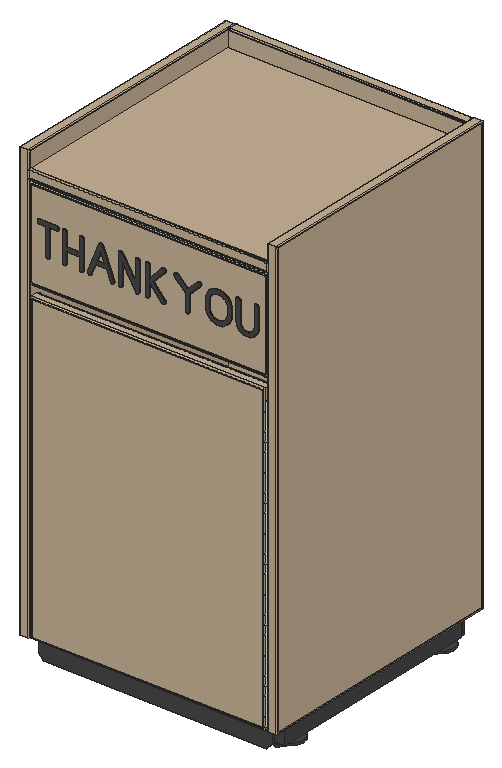
Revit family "Plymold-Essentials-Economy_Waste_Receptacle-", category Furniture, Revit 2022
Family settings
  OmniClass Number = 23.40.20.00
  OmniClass Title = General Furniture and Specialties
  Work Plane-Based = No
  Always vertical = Yes
  Cut with Voids When Loaded = No
  Render Appearance Source = Family Geometry
  Shared = No
  Room Calculation Point = No
Parameters (values of type "80501")
  Width = 23"
  URL = "https://plymold.com"
  Type Comments = "Casegoods"  # constant formula
  TOP MATERIAL = PLY - Solid Oak Horizontal
  Sustainability = "https://plymold.com/plymolds-sustainability-efforts/"
  SIDE MATERIAL = PLY - Solid Oak Vertical
  PLASTIC MATERIAL = PLY - Plastic Black
  GLIDES MATERIAL = PLY - Plastic Black
  FRONT MATERIAL = PLY - Solid Oak Horizontal
  EDGE VERTICAL MATERIAL = PLY - Solid Oak Vertical
  EDGE HORIZONTAL MATERIAL = PLY - Solid Oak Horizontal
  DOOR MATERIAL = PLY - Solid Oak Vertical
  Revit Model Built By = "https://www.servex-us.com/servex-revit/"
  Product Documentation Link = "https://plymold.com/product/economy-waste-receptacle-with-swing-door/"
  Model = "80501"
  Manufacturer = "Plymold"  # constant formula
  Keynote = "12500"  # constant formula
  Height = 41 1/2"
  HARDWARE MATERIAL = PLY - Onyx Black Powdercoat
  Description = "Economy Waste Receptacle with Swing Door - 23\"W x 23\"D x 41 1/2\"H"
  Depth = 23"
  Default Elevation = 0"
  Cost = 0
  Brand = "Receptacle"  # constant formula
  BACK MATERIAL = PLY - Solid Oak Vertical
  Assembly Code = "E2020200"
Reference planes (in)
  plane 1: z = 0
  plane 2 "Center (Front/Back)": y = 49.90131
  plane 3 "Center (Left/Right)": x = -171.57253
  plane 4: x = -148.57253
  plane 5: y = 26.90131
  plane 6: z = 41.5
Dimensions and locks (in)
  "Depth": plane 2 "Center (Front/Back)" to plane 5
  "Width": plane 3 "Center (Left/Right)" to plane 4
  "Height": plane 6 to plane 1
  aligned and locked: level to plane 1
  aligned and locked: plane 3 "Center (Left/Right)" to nested 1
  aligned and locked: nested 1 to plane 2 "Center (Front/Back)"
Nested families (in)
  nested 1: "Economy Waste" at (-171.57253, 49.90131, 0), W <- "Width", D <- "Depth", H <- "Height", BACK MATERIAL <- "BACK MATERIAL", EDGE HORIZONTAL MATERIAL <- "EDGE HORIZONTAL MATERIAL", EDGE VERTICAL MATERIAL <- "EDGE VERTICAL MATERIAL", GLIDES MATERIAL <- "GLIDES MATERIAL", PLASTIC MATERIAL <- "PLASTIC MATERIAL", SIDE MATERIAL <- "SIDE MATERIAL", TOP MATERIAL <- "TOP MATERIAL", DOOR MATERIAL <- "DOOR MATERIAL", FRONT MATERIAL <- "FRONT MATERIAL", HARDWARE MATERIAL <- "HARDWARE MATERIAL", type "Economy Waste"
    with W Door 21 1/4", W 23", TOP MATERIAL PLY - Solid Oak Horizontal, SIDE MATERIAL PLY - Solid Oak Vertical, PLASTIC MATERIAL PLY - Plastic Black, HARDWARE MATERIAL PLY - Onyx Black Powdercoat, H 41 1/2", GLIDES MATERIAL PLY - Plastic Black, FRONT MATERIAL PLY - Solid Oak Horizontal, EDGE VERTICAL MATERIAL PLY - Solid Oak Vertical, EDGE HORIZONTAL MATERIAL PLY - Solid Oak Horizontal, Divider no, Dist Door 10 29/32", Dist Divider 21 13/32", DOOR MATERIAL PLY - Solid Oak Vertical, D 23", BACK MATERIAL PLY - Solid Oak Vertical
Definition of nested family "Economy Waste"
  Parameters (values of type "Economy Waste")
    W Door [instance] = W - 1 3/4"  # 21 1/4"
    W [instance] = 23"
    TOP MATERIAL [instance] = none
    SIDE MATERIAL [instance] = none
    PLASTIC MATERIAL [instance] = none
    HARDWARE MATERIAL [instance] = none
    H [instance] = 41 1/2"
    GLIDES MATERIAL [instance] = none
    FRONT MATERIAL [instance] = none
    EDGE VERTICAL MATERIAL [instance] = none
    EDGE HORIZONTAL MATERIAL [instance] = none
    Divider [instance] = if(W > 46", 2 > 1, 1 > 2)  # no
    Dist Door [instance] = if(and(W = 72"), 10 23/32", if(and(W = 47"), 10 17/64", 10 29/32"))  # 10 29/32"
    Dist Divider [instance] = if(W = 72", 22 19/64", 21 13/32")  # 21 13/32"
    Default Elevation = 0"
    DOOR MATERIAL [instance] = none
    D [instance] = 23"
    BACK MATERIAL [instance] = none
  Reference planes (in)
    plane 1 "Center (Front/Back)": y = 0
    plane 2: z = 0
    plane 3 "Center (Left/Right)": x = 0
    plane 4: x = 23
    plane 5: y = -23
    plane 6: x = 0.875
    plane 7: x = 22.125
    plane 8: z = 41.5
    plane 9: z = 40.03125
    plane 10: z = 2.50003
    plane 11: x = 11.5
    plane 12: z = 39.15625
  Forms (in)
    Sweep 1, solid, material <- "EDGE VERTICAL MATERIAL"
      path origin (0, 0, 0) x (0, 1, 0) y (0, 0, 1)
        loop
          line (0, 41.5) -> (-23, 41.5) -> (-23, 2.50003) -> (0, 2.50003) -> (0, 41.5)
      profile origin (0, 0, 22.00001) x (1, 0, 0) y (0, 1, 0)
        loop
          arc (0.09375, 0) -> (0.02746, -0.02746) -> (0, -0.09375) r 0.09375
          line (0, -0.09375) -> (0, -0.125) -> (0.875, -0.125) -> (0.875, -0.09375)
          arc (0.875, -0.09375) -> (0.84754, -0.02746) -> (0.78125, 0) r 0.09375
          line (0.78125, 0) -> (0.09375, 0)
        loop
          arc (22.21875, 0) -> (22.15246, -0.02746) -> (22.125, -0.09375) r 0.09375
          line (22.125, -0.09375) -> (22.125, -0.125) -> (23, -0.125) -> (23, -0.09375)
          arc (23, -0.09375) -> (22.97254, -0.02746) -> (22.90625, 0) r 0.09375
          line (22.90625, 0) -> (22.21875, 0)
    Extrusion 2, solid, material <- "SIDE MATERIAL"
      sketch origin (0, 0, 0) x (0, 1, 0) y (0, 0, 1)
        loop
          line (-0.125, 41.375) -> (-22.875, 41.375) -> (-22.875, 2.62503) -> (-0.125, 2.62503) -> (-0.125, 41.375)
      from 0 to 0.875
    Extrusion 3, solid, material <- "SIDE MATERIAL"
      sketch origin (0, 0, 0) x (0, 1, 0) y (0, 0, 1)
        loop
          line (-0.125, 41.375) -> (-22.875, 41.375) -> (-22.875, 2.62503) -> (-0.125, 2.62503) -> (-0.125, 41.375)
      from 22.125 to 23
    Extrusion 4, solid, material <- "PLASTIC MATERIAL"
      sketch origin (0, 0, 0) x (1, 0, 0) y (0, 1, 0)
        loop
          line (0.875, -1.38234) -> (0.875, -21) -> (3.18323, -21) -> (3.18323, -20.875) -> (1, -20.875) -> (1, -1.38234) -> (0.875, -1.38234)
        loop
          line (22.125, -1.38234) -> (22, -1.38234) -> (22, -20.875) -> (19.81677, -20.875) -> (19.81677, -21) -> (22.125, -21) -> (22.125, -1.38234)
      from 0.50003 to 3.50003
    Extrusion 5, solid, material <- "GLIDES MATERIAL"
      sketch origin (0, 0, 0) x (1, 0, 0) y (0, 1, 0)
        loop
          circle (1.82208, -2.41109) r 0.188
        loop
          circle (1.82208, -19.16109) r 0.188
        loop
          circle (21.17792, -2.41109) r 0.188
        loop
          circle (21.17792, -19.16109) r 0.188
      from 0.187 to 1.437
    Extrusion 6, solid, material <- "PLASTIC MATERIAL"
      sketch origin (0, 0, 0) x (1, 0, 0) y (0, 1, 0)
        loop
          line (20.221, -19.78609) -> (22, -19.78609) -> (22, -18.53609) -> (20.221, -18.53609) -> (20.221, -19.78609)
        loop
          line (2.779, -19.78609) -> (2.779, -18.53609) -> (1, -18.53609) -> (1, -19.78609) -> (2.779, -19.78609)
      from 0.50003 to 0.64606
    Extrusion 7, solid, material <- "GLIDES MATERIAL"
      sketch origin (0, 0, 0) x (1, 0, 0) y (0, 1, 0)
        loop
          arc (2.72968, -3.0765) -> (1.82208, -1.2857) -> (0.91449, -3.0765) r 1.12538
          line (0.91449, -3.0765) -> (1.57273, -3.97431)
          arc (1.57273, -3.97431) -> (1.82208, -4.10068) -> (2.07144, -3.97431) r 0.30919
          line (2.07144, -3.97431) -> (2.72968, -3.0765)
        loop
          arc (2.72968, -19.8265) -> (1.82208, -18.0357) -> (0.91449, -19.8265) r 1.12538
          line (0.91449, -19.8265) -> (1.57273, -20.72431)
          arc (1.57273, -20.72431) -> (1.82208, -20.85068) -> (2.07144, -20.72431) r 0.30919
          line (2.07144, -20.72431) -> (2.72968, -19.8265)
        loop
          line (20.27032, -3.0765) -> (20.92856, -3.97431)
          arc (20.92856, -3.97431) -> (21.17792, -4.10068) -> (21.42727, -3.97431) r 0.30919
          line (21.42727, -3.97431) -> (22.08551, -3.0765)
          arc (22.08551, -3.0765) -> (21.17792, -1.2857) -> (20.27032, -3.0765) r 1.12538
        loop
          line (20.27032, -19.8265) -> (20.92856, -20.72431)
          arc (20.92856, -20.72431) -> (21.17792, -20.85068) -> (21.42727, -20.72431) r 0.30919
          line (21.42727, -20.72431) -> (22.08551, -19.8265)
          arc (22.08551, -19.8265) -> (21.17792, -18.0357) -> (20.27032, -19.8265) r 1.12538
      from 0 to 0.187
    Extrusion 8, solid, material <- "EDGE HORIZONTAL MATERIAL"
      sketch origin (0, 0, 0) x (0, 1, 0) y (0, 0, 1)
        loop
          line (-22.875, 40.03125) -> (-22.90625, 40.03125)
          arc (-22.90625, 40.03125) -> (-22.97254, 40.00379) -> (-23, 39.9375) r 0.09375
          line (-23, 39.9375) -> (-23, 39.25)
          arc (-23, 39.25) -> (-22.97254, 39.18371) -> (-22.90625, 39.15625) r 0.09375
          line (-22.90625, 39.15625) -> (-22.875, 39.15625) -> (-22.875, 40.03125)
      from 0.875 to 22.125
    Extrusion 9, solid, material <- "TOP MATERIAL"
      sketch origin (0, 0, 0) x (0, 1, 0) y (0, 0, 1)
        loop
          line (-0.875, 40.03125) -> (-22.875, 40.03125) -> (-22.875, 39.15625) -> (-0.875, 39.15625) -> (-0.875, 40.03125)
      from 0.875 to 22.125
    Extrusion 10, solid, material <- "EDGE HORIZONTAL MATERIAL"
      sketch origin (0, 0, 0) x (0, 1, 0) y (0, 0, 1)
        loop
          line (-0.09375, 41.5) -> (-0.78125, 41.5)
          arc (-0.78125, 41.5) -> (-0.84754, 41.47254) -> (-0.875, 41.40625) r 0.09375
          line (-0.875, 41.40625) -> (-0.875, 41.375) -> (0, 41.375) -> (0, 41.40625)
          arc (0, 41.40625) -> (-0.02746, 41.47254) -> (-0.09375, 41.5) r 0.09375
        loop
          arc (-0.09375, 2.50003) -> (-0.02746, 2.52749) -> (0, 2.59378) r 0.09375
          line (0, 2.59378) -> (0, 2.62503) -> (-0.875, 2.62503) -> (-0.875, 2.59378)
          arc (-0.875, 2.59378) -> (-0.84754, 2.52749) -> (-0.78125, 2.50003) r 0.09375
          line (-0.78125, 2.50003) -> (-0.09375, 2.50003)
      from 0.875 to 22.125
    Extrusion 11, solid, material <- "BACK MATERIAL"
      sketch origin (0, 0, 0) x (0, 1, 0) y (0, 0, 1)
        loop
          line (0, 2.62503) -> (0, 41.375) -> (-0.875, 41.375) -> (-0.875, 2.62503) -> (0, 2.62503)
      from 0.875 to 22.125
  Cuts and joins
    joined: Extrusion 4, Extrusion 6
    joined: Extrusion 5, Extrusion 7
  Lines and regions (in)
    symbolic lines
      curve 1: line (0.09375, 0, 0) -> (22.90625, 0, 0)
      curve 2: line (0, -22.90752, 0) -> (0, -0.09375, 0)
      curve 3: line (22.90625, -23.00127, 0) -> (0.09375, -23.00127, 0)
      curve 4: line (0.875, -0.09375, 0) -> (0.875, -22.90752, 0)
      curve 5: arc (0, -0.09375, 0) -> (0.02746, -0.02746, 0) -> (0.09375, 0, 0) r 0.09375
      curve 6: arc (0.78125, 0, 0) -> (0.84754, -0.02746, 0) -> (0.875, -0.09375, 0) r 0.09375
      curve 7: arc (0, -22.90752, 0) -> (0.02746, -22.97381, 0) -> (0.09375, -23.00127, 0) r 0.09375
      curve 8: arc (0.78125, -23.00127, 0) -> (0.84754, -22.97381, 0) -> (0.875, -22.90752, 0) r 0.09375
      curve 9: line (23, -22.90625, 0) -> (23, -0.09375, 0)
      curve 10: line (22.125, -0.09375, 0) -> (22.125, -22.90625, 0)
      curve 11: arc (23, -0.09375, 0) -> (22.97254, -0.02746, 0) -> (22.90625, 0, 0) r 0.09375
      curve 12: arc (22.21875, 0, 0) -> (22.15246, -0.02746, 0) -> (22.125, -0.09375, 0) r 0.09375
      curve 13: arc (23, -22.90625, 0) -> (22.97254, -22.97254, 0) -> (22.90625, -23, 0) r 0.09375
      curve 14: arc (22.21875, -23, 0) -> (22.15246, -22.97254, 0) -> (22.125, -22.90625, 0) r 0.09375
    symbolic lines, detail levels medium+fine
      curve 15: line (20.27032, -3.0765, 0) -> (20.92856, -3.97431, 0)
      curve 16: arc (20.92856, -3.97431, 0) -> (21.17792, -4.10068, 0) -> (21.42727, -3.97431, 0) r 0.30919
      curve 17: line (21.42727, -3.97431, 0) -> (22.08551, -3.0765, 0)
      curve 18: arc (22.08551, -3.0765, 0) -> (21.17792, -1.2857, 0) -> (20.27032, -3.0765, 0) r 1.12538
      curve 19: line (20.27032, -19.8265, 0) -> (20.92856, -20.72431, 0)
      curve 20: arc (20.92856, -20.72431, 0) -> (21.17792, -20.85068, 0) -> (21.42727, -20.72431, 0) r 0.30919
      curve 21: line (21.42727, -20.72431, 0) -> (22.08551, -19.8265, 0)
      curve 22: arc (22.08551, -19.8265, 0) -> (21.17792, -18.0357, 0) -> (20.27032, -19.8265, 0) r 1.12538
      curve 23: line (2.07144, -3.97431, 0) -> (2.72968, -3.0765, 0)
      curve 24: arc (2.72968, -3.0765, 0) -> (1.82208, -1.2857, 0) -> (0.91449, -3.0765, 0) r 1.12538
      curve 25: line (0.91449, -3.0765, 0) -> (1.57273, -3.97431, 0)
      curve 26: arc (1.57273, -3.97431, 0) -> (1.82208, -4.10068, 0) -> (2.07144, -3.97431, 0) r 0.30919
      curve 27: line (2.07144, -20.72431, 0) -> (2.72968, -19.8265, 0)
      curve 28: arc (2.72968, -19.8265, 0) -> (1.82208, -18.0357, 0) -> (0.91449, -19.8265, 0) r 1.12538
      curve 29: line (0.91449, -19.8265, 0) -> (1.57273, -20.72431, 0)
      curve 30: arc (1.57273, -20.72431, 0) -> (1.82208, -20.85068, 0) -> (2.07144, -20.72431, 0) r 0.30919
  Dimensions and locks (in)
    "D": plane 1 "Center (Front/Back)" to plane 5
    "W": plane 3 "Center (Left/Right)" to plane 4
    plane 3 "Center (Left/Right)" to plane 6 = 7/8"
    plane 4 to plane 7 = 7/8"
    plane 12 to plane 9 to plane 8 = 7/8" locked, 1 15/32" locked
    "H": plane 2 to plane 8
    locked: plane 2 to plane 10 at 2.50003
    locked: Sweep 1 sketch curve to profile plane at 0.125
    locked: Extrusion 4 sketch curve to plane 1 "Center (Front/Back)" at 1.38234  (x2)
    Extrusion 4 to plane 10 to Extrusion 4 = 2" locked, 1" locked
    Extrusion 4 sketch curve to Extrusion 4 sketch curve to plane 5 = 1/8" locked, 2" locked  (x2)
    Extrusion 4 sketch curve to Extrusion 4 sketch curve to plane 7 = 2.18323" locked, 1/8" locked
    plane 6 to Extrusion 4 sketch curve to Extrusion 4 sketch curve = 1/8" locked, 2.18323" locked
    locked: Extrusion 5 sketch curve to plane 5 at 3.83891  (x2)
    locked: Extrusion 5 sketch curve to plane 7 at 0.94708  (x2)
    locked: Extrusion 5 sketch curve to plane 1 "Center (Front/Back)" at 2.41109  (x2)
    locked: plane 6 to Extrusion 5 sketch curve at 0.94708  (x2)
    equal spacing: plane 6, plane 11, plane 7
    plane 7 to plane 6 = 21 1/4"
    Extrusion 6 sketch curve to Extrusion 6 sketch curve to plane 5 = 1 1/4" locked, 3.21391" locked  (x2)
    plane 6 to Extrusion 6 sketch curve to Extrusion 6 sketch curve = 1/8" locked, 1.779" locked
    Extrusion 6 sketch curve to Extrusion 6 sketch curve to plane 7 = 1.779" locked, 1/8" locked
    Extrusion 6 to Extrusion 6 to plane 2 = 0.14603" locked, 0.50003" locked
    plane 6 to Extrusion 7 sketch curve to Extrusion 7 sketch curve = 0.94708" locked, 0" locked  (x2)
    Extrusion 7 sketch curve to Extrusion 7 sketch curve to plane 1 "Center (Front/Back)" = 1.38041" locked, 2.41109" locked  (x2)
    Extrusion 7 sketch curve to Extrusion 7 sketch curve to plane 5 = 1.38041" locked, 2.4585" locked  (x2)
    locked: Extrusion 7 to plane 2 at 0.187
    plane 7 to Extrusion 7 sketch curve to Extrusion 7 sketch curve = 0.94708" locked, 0" locked  (x2)
    locked: Sweep 1 sketch curve to plane 1 "Center (Front/Back)" at 0.125
    Extrusion 8 sketch curve to Extrusion 8 sketch curve to plane 5 = 1/32" locked, 3/32" locked
    plane 1 "Center (Front/Back)" to Extrusion 10 sketch curve to Extrusion 10 sketch curve to Extrusion 10 sketch curve = 3/32" locked, 11/16" locked, 3/32" locked  (x2)
    Extrusion 10 sketch curve to Extrusion 10 sketch curve to plane 8 = 1/32" locked, 3/32" locked
    Extrusion 10 sketch curve to Extrusion 10 sketch curve to plane 10 = 1/32" locked, 3/32" locked
    locked: plane 1 "Center (Front/Back)" to Extrusion 11 sketch curve at 0.875
    aligned and locked: plane 2 to level
    aligned and locked: plane 10 to Sweep 1 sketch curve
    aligned and locked: Sweep 1 sketch curve to Sweep 1 sketch curve
    aligned and locked: plane 6 to Sweep 1 sketch curve
    aligned and locked: plane 7 to Sweep 1 sketch curve
    aligned and locked: profile plane to Sweep 1 sketch curve  (x2)
    aligned and locked: Sweep 1 to Extrusion 2 sketch curve  (x2)
    aligned and locked: Extrusion 2 sketch curve to Sweep 1
    aligned and locked: Extrusion 4 sketch curve to plane 6
    aligned and locked: plane 7 to Extrusion 4 sketch curve
    aligned and locked: plane 1 "Center (Front/Back)" to nested 1
    aligned and locked: curve 3 to Sweep 1
    aligned and locked: plane 6 to curve 4
    aligned and locked: curve 1 to Sweep 1
    aligned and locked: Sweep 1 to plane 7
    aligned and locked: Extrusion 4 to Extrusion 6
    aligned and locked: Extrusion 7 to plane 2
    aligned and locked: Extrusion 7 to Extrusion 5
    aligned and locked: curve 10 to plane 7
    aligned and locked: curve 16 to cut or joined group of Extrusion 5, Extrusion 7
    aligned and locked: curve 18 to cut or joined group of Extrusion 5, Extrusion 7
    aligned and locked: curve 20 to cut or joined group of Extrusion 5, Extrusion 7
    aligned and locked: curve 22 to cut or joined group of Extrusion 5, Extrusion 7
    aligned and locked: nested 1 to plane 11
    aligned and locked: nested 1 to Sweep 1 sketch curve
    aligned and locked: Sweep 1 sketch curve to plane 5
    aligned and locked: Sweep 1 sketch curve to nested 1
    aligned and locked: Sweep 1 sketch curve to plane 4
    aligned and locked: Extrusion 2 to Sweep 1
    aligned and locked: Extrusion 3 to Extrusion 2
    aligned and locked: plane 5 to Extrusion 8 sketch curve
    aligned and locked: plane 9 to Extrusion 8 sketch curve
    aligned and locked: Extrusion 8 sketch curve to plane 12
    aligned and locked: plane 9 to Extrusion 9 sketch curve
    aligned and locked: Extrusion 9 sketch curve to plane 12
    aligned and locked: Extrusion 9 sketch curve to Extrusion 8
    aligned and locked: Extrusion 9 to Extrusion 8
    aligned and locked: Extrusion 8 to Extrusion 9
    aligned and locked: plane 6 to Extrusion 9
    aligned and locked: plane 7 to Extrusion 9
    aligned and locked: curve 24 to cut or joined group of Extrusion 5, Extrusion 7
    aligned and locked: curve 26 to cut or joined group of Extrusion 5, Extrusion 7
    aligned and locked: curve 28 to cut or joined group of Extrusion 5, Extrusion 7
    aligned and locked: curve 30 to cut or joined group of Extrusion 5, Extrusion 7
    aligned and locked: plane 1 "Center (Front/Back)" to Extrusion 10 sketch curve
    aligned and locked: plane 8 to Extrusion 10 sketch curve
    aligned and locked: Extrusion 10 sketch curve to plane 1 "Center (Front/Back)"
    aligned and locked: plane 10 to Extrusion 10 sketch curve
    aligned and locked: Extrusion 11 sketch curve to plane 1 "Center (Front/Back)"
    aligned and locked: Extrusion 11 sketch curve to Extrusion 10  (x2)
    aligned and locked: Extrusion 10 to Extrusion 11
    aligned and locked: Extrusion 11 to Extrusion 10
    aligned and locked: plane 6 to Extrusion 10
    aligned and locked: plane 7 to Extrusion 10
    aligned and locked: plane 4 to Extrusion 3
    aligned and locked: Extrusion 3 to plane 7
  Automatic sketch dimensions
    curve 7 to plane 3 "Center (Left/Right)" = 0"
    curve 14 to plane 5 = 0"
    curve 13 to plane 5 = 0"
    curve 11 to plane 4 = 0"
    plane 3 "Center (Left/Right)" to curve 3 = 3/32"
    curve 2 to curve 5 = 3/32"
    plane 5 to curve 8 = 0.09248"
    curve 6 to curve 4 = 3/32"
    curve 29 to plane 6 = 0.03949"
    curve 25 to plane 6 = 0.03949"
    curve 29 to curve 30 = 0.24935"
    curve 25 to curve 26 = 0.24935"
    curve 30 to curve 27 = 0.24935"
    curve 26 to curve 23 = 0.24935"
    curve 27 to curve 27 = 0.65824"
    curve 26 to curve 23 = 0.65824"
    curve 15 to curve 18 = 0.90759"
    curve 19 to curve 22 = 0.90759"
    curve 15 to curve 16 = 0.24935"
    curve 19 to curve 20 = 0.24935"
    curve 20 to curve 21 = 0.24935"
    curve 16 to curve 17 = 0.24935"
    curve 17 to plane 7 = 0.03949"
    curve 21 to plane 7 = 0.03949"
    curve 10 to curve 12 = 3/32"
    curve 10 to curve 14 = 3/32"
    curve 11 to curve 9 = 3/32"
    curve 3 to plane 4 = 3/32"
    curve 13 to plane 4 = 3/32"
    plane 3 "Center (Left/Right)" to Sweep 1 sketch curve = 3/32"
    Sweep 1 sketch curve to Sweep 1 sketch curve = 3/32"  (x3)
    plane 8 to Extrusion 2 sketch curve = 1/8"
    plane 5 to Extrusion 3 sketch curve = 1/8"
    plane 1 "Center (Front/Back)" to Extrusion 3 sketch curve = 1/8"
    Extrusion 3 sketch curve to plane 10 = 1/8"
    plane 8 to Extrusion 3 sketch curve = 1/8"
    Extrusion 7 sketch curve to Extrusion 7 sketch curve = 0.24935"  (x8)
    Extrusion 7 sketch curve to plane 6 = 0.03949"  (x2)
    Extrusion 7 sketch curve to Extrusion 7 sketch curve = 0.65824"  (x2)
    Extrusion 7 sketch curve to Extrusion 7 sketch curve = 0.90759"  (x2)
    Extrusion 7 sketch curve to plane 7 = 0.03949"  (x2)
    Extrusion 7 sketch curve to Extrusion 7 sketch curve = 0.18281"  (x4)
    Extrusion 7 sketch curve to Extrusion 7 sketch curve = 0.89781"  (x4)
    Extrusion 8 sketch curve to Extrusion 8 sketch curve = 1/32"
    plane 1 "Center (Front/Back)" to Extrusion 9 sketch curve = 7/8"
    radius of Extrusion 5 sketch curve = 0.188"  (x4)
  Nested families (in)
    nested 1: "Door-Receptacle" at (11.5, 0, 0), D <- "D", W Door <- "W Door", DOOR MATERIAL <- "DOOR MATERIAL", EDGE MATERIAL <- "EDGE HORIZONTAL MATERIAL", FRONT MATERIAL <- "FRONT MATERIAL", HARDWARE MATERIAL <- "HARDWARE MATERIAL", PLASTIC MATERIAL <- "PLASTIC MATERIAL", BACK MATERIAL <- "BACK MATERIAL", EDGE HORIZONTAL MATERIAL <- "EDGE HORIZONTAL MATERIAL", H <- "H", type "Door-Receptacle"
      with W Door 21 1/4", PLASTIC MATERIAL none, HARDWARE MATERIAL none, H 41 1/2", FRONT MATERIAL none, EDGE MATERIAL none, EDGE HORIZONTAL MATERIAL none, Door yes, DOOR MATERIAL none, D 23", BACK MATERIAL none
  Definition of nested family "Door-Receptacle"
    Parameters (values of type "Door-Receptacle")
      W Door [instance] = 21 3/8"
      PLASTIC MATERIAL [instance] = none
      HARDWARE MATERIAL [instance] = none
      H [instance] = 43 1/4"
      FRONT MATERIAL [instance] = none
      EDGE MATERIAL [instance] = none
      EDGE HORIZONTAL MATERIAL [instance] = none
      Door [instance] = yes
      Default Elevation = 0"
      DOOR MATERIAL [instance] = none
      D [instance] = 23.99989"
      BACK MATERIAL [instance] = none
    Reference planes (in)
      plane 1 "Center (Front/Back)": y = 0
      plane 2: z = 0
      plane 3 "Center (Left/Right)": x = 0
      plane 4: x = 10.6875
      plane 5: x = -10.6875
      plane 6: y = -23.99989
      plane 7: z = 43.25
      plane 8: z = 2.50003
      plane 9: x = 10.4375
    Forms (in)
      Sweep 1, solid, material <- "EDGE MATERIAL", visible <- "Door"
        path origin (0, 0, 0) x (1, 0, 0) y (0, 0, 1)
          loop
            line (-10.593, 31.56203) -> (-10.593, 2.50003) -> (10.438, 2.50003) -> (10.438, 31.56203) -> (-10.593, 31.56203)
        profile origin (-0.0775, 0, 31.56203) x (0, 0, 1) y (0, -1, 0)
          loop
            line (0, 23.21864) -> (0, 23.90614)
            arc (0, 23.90614) -> (-0.02746, 23.97243) -> (-0.09375, 23.99989) r 0.09375
            line (-0.09375, 23.99989) -> (-0.125, 23.99989) -> (-0.125, 23.12489) -> (-0.09375, 23.12489)
            arc (-0.09375, 23.12489) -> (-0.02746, 23.15235) -> (0, 23.21864) r 0.09375
      Sweep 2, solid, material <- "EDGE MATERIAL", visible <- "Door"
        path origin (0, 0, -0.875) x (1, 0, 0) y (0, 0, 1)
          loop
            line (-10.6875, 33.43803) -> (10.6875, 33.43803) -> (10.6875, 41.611) -> (-10.6875, 41.611) -> (-10.6875, 33.43803)
        profile origin (0, 0, 40.736) x (0, 0, -1) y (0, -1, 0)
          loop
            arc (0, 23.21864) -> (0.02746, 23.15235) -> (0.09375, 23.12489) r 0.09375
            line (0.09375, 23.12489) -> (0.125, 23.12489) -> (0.125, 23.99989) -> (0.09375, 23.99989)
            arc (0.09375, 23.99989) -> (0.02746, 23.97243) -> (0, 23.90614) r 0.09375
            line (0, 23.90614) -> (0, 23.21864)
      Extrusion 3, solid, material <- "DOOR MATERIAL", visible <- "Door"
        sketch origin (0, 0, 0) x (1, 0, 0) y (0, 0, 1)
          loop
            line (-10.468, 31.43703) -> (-10.468, 2.62503) -> (10.313, 2.62503) -> (10.313, 31.43703) -> (-10.468, 31.43703)
        from 23.12489 to 23.99989
      Extrusion 4, solid, material <- "FRONT MATERIAL", visible <- "Door"
        sketch origin (0, 0, -0.875) x (1, 0, 0) y (0, 0, 1)
          loop
            line (-10.5625, 41.486) -> (-10.5625, 33.56303) -> (10.5625, 33.56303) -> (10.5625, 41.486) -> (-10.5625, 41.486)
        from 23.12489 to 23.99989
      Extrusion 5, solid, visible <- "Door"
        sketch origin (0, -0.0244, -0.875) x (1, 0, 0) y (0, 0, 1)
          loop
            line (-9.113, 38.56203) -> (-9.113, 36.25191)
            arc (-9.113, 36.25191) -> (-8.925, 36.06391) -> (-8.737, 36.25191) r 0.188
            line (-8.737, 36.25191) -> (-8.737, 38.56203) -> (-8.15584, 38.56203)
            arc (-8.15584, 38.56203) -> (-7.96784, 38.75003) -> (-8.15584, 38.93803) r 0.188
            line (-8.15584, 38.93803) -> (-9.68541, 38.93803)
            arc (-9.68541, 38.93803) -> (-9.87341, 38.75003) -> (-9.68541, 38.56203) r 0.188
            line (-9.68541, 38.56203) -> (-9.113, 38.56203)
          loop
            line (-7.6125, 38.76282) -> (-7.6125, 36.24856)
            arc (-7.6125, 36.24856) -> (-7.425, 36.06106) -> (-7.2375, 36.24856) r 0.1875
            line (-7.2375, 36.24856) -> (-7.2375, 37.20303) -> (-6.1135, 37.20303) -> (-6.1135, 36.25161)
            arc (-6.1135, 36.25161) -> (-5.926, 36.06411) -> (-5.7385, 36.25161) r 0.1875
            line (-5.7385, 36.25161) -> (-5.7385, 38.74845)
            arc (-5.7385, 38.74845) -> (-5.926, 38.93595) -> (-6.1135, 38.74845) r 0.1875
            line (-6.1135, 38.74845) -> (-6.1135, 37.57803) -> (-7.2375, 37.57803) -> (-7.2375, 38.76282)
            arc (-7.2375, 38.76282) -> (-7.425, 38.95032) -> (-7.6125, 38.76282) r 0.1875
          loop
            line (-4.35426, 38.81684) -> (-5.34877, 36.32407)
            arc (-5.34877, 36.32407) -> (-5.24382, 36.07979) -> (-4.99954, 36.18474) r 0.188
            line (-4.99954, 36.18474) -> (-4.64914, 37.06303) -> (-3.70786, 37.06303) -> (-3.35808, 36.1863)
            arc (-3.35808, 36.1863) -> (-3.1138, 36.08135) -> (-3.00885, 36.32563) r 0.188
            line (-3.00885, 36.32563) -> (-4.00274, 38.81684)
            arc (-4.00274, 38.81684) -> (-4.1785, 38.93594) -> (-4.35426, 38.81684) r 0.18923
          loop
            line (-4.49913, 37.43903) -> (-3.85787, 37.43903) -> (-4.1785, 38.24268) -> (-4.49913, 37.43903)
          loop
            arc (-2.6185, 36.25103) -> (-2.4305, 36.06303) -> (-2.2425, 36.25103) r 0.188
            line (-2.2425, 36.25103) -> (-2.2425, 38.07113) -> (-1.09272, 36.15432)
            arc (-1.09272, 36.15432) -> (-0.88133, 36.06985) -> (-0.7435, 36.25103) r 0.188
            line (-0.7435, 36.25103) -> (-0.7435, 38.75003)
            arc (-0.7435, 38.75003) -> (-0.9315, 38.93803) -> (-1.1195, 38.75003) r 0.188
            line (-1.1195, 38.75003) -> (-1.1195, 36.92992) -> (-2.26928, 38.84673)
            arc (-2.26928, 38.84673) -> (-2.48067, 38.93121) -> (-2.6185, 38.75003) r 0.188
            line (-2.6185, 38.75003) -> (-2.6185, 36.25103)
          loop
            line (-0.2235, 38.75053) -> (-0.2235, 36.25053)
            arc (-0.2235, 36.25053) -> (-0.036, 36.06303) -> (0.1515, 36.25053) r 0.1875
            line (0.1515, 36.25053) -> (0.1515, 37.34462) -> (1.26393, 36.12422)
            arc (1.26393, 36.12422) -> (1.52881, 36.11196) -> (1.54107, 36.37684) r 0.1875
            line (1.54107, 36.37684) -> (0.5168, 37.50053) -> (1.54107, 38.62422)
            arc (1.54107, 38.62422) -> (1.52881, 38.8891) -> (1.26393, 38.87684) r 0.1875
            line (1.26393, 38.87684) -> (0.1515, 37.65644) -> (0.1515, 38.75053)
            arc (0.1515, 38.75053) -> (-0.036, 38.93803) -> (-0.2235, 38.75053) r 0.1875
          loop
            line (3.35226, 37.64303) -> (3.35226, 36.25103)
            arc (3.35226, 36.25103) -> (3.54026, 36.06303) -> (3.72826, 36.25103) r 0.188
            line (3.72826, 36.25103) -> (3.72826, 37.64303) -> (4.68662, 38.61826)
            arc (4.68662, 38.61826) -> (4.6843, 38.88412) -> (4.41844, 38.8818) r 0.188
            line (4.41844, 38.8818) -> (3.54026, 37.98816) -> (2.66209, 38.8818)
            arc (2.66209, 38.8818) -> (2.39623, 38.88412) -> (2.39391, 38.61826) r 0.188
            line (2.39391, 38.61826) -> (3.35226, 37.64303)
          loop
            arc (7.86653, 37.06303) -> (8.86653, 36.06303) -> (9.86653, 37.06303) r 1
            line (9.86653, 37.06303) -> (9.86653, 38.75003)
            arc (9.86653, 38.75003) -> (9.67853, 38.93803) -> (9.49053, 38.75003) r 0.188
            line (9.49053, 38.75003) -> (9.49053, 37.06303)
            arc (9.49053, 37.06303) -> (8.86653, 36.43903) -> (8.24253, 37.06303) r 0.624
            line (8.24253, 37.06303) -> (8.24253, 38.75003)
            arc (8.24253, 38.75003) -> (8.05453, 38.93803) -> (7.86653, 38.75003) r 0.188
            line (7.86653, 38.75003) -> (7.86653, 37.06303)
          loop
            arc (7.49153, 37.75003) -> (6.30353, 38.93803) -> (5.11553, 37.75003) r 1.188
            line (5.11553, 37.75003) -> (5.11553, 37.25103)
            arc (5.11553, 37.25103) -> (6.30353, 36.06303) -> (7.49153, 37.25103) r 1.188
            line (7.49153, 37.25103) -> (7.49153, 37.75003)
          loop
            line (7.11653, 37.25103) -> (7.11653, 37.75003)
            arc (7.11653, 37.75003) -> (6.30353, 38.56303) -> (5.49053, 37.75003) r 0.813
            line (5.49053, 37.75003) -> (5.49053, 37.25103)
            arc (5.49053, 37.25103) -> (6.30353, 36.43803) -> (7.11653, 37.25103) r 0.813
        from 23.99989 to 23.97549
      Extrusion 6, solid, visible <- "Door"
        sketch origin (0, 0, 0) x (1, 0, 0) y (0, 1, 0)
          loop
            line (10.6875, -23.32824) -> (10.64799, -23.32824) -> (10.64799, -23.7837)
            arc (10.64799, -23.7837) -> (10.4478, -23.92458) -> (10.6875, -23.87489) r 0.125
            line (10.6875, -23.87489) -> (10.6875, -23.32824)
        from 4.56253 to 30.56253
      Extrusion 7, void
        sketch origin (0, 0, 0) x (1, 0, 0) y (0, 0, 1)
          loop
            line (10.85504, 29.78128) -> (10.438, 29.78128) -> (10.438, 29.75003) -> (10.85504, 29.75003) -> (10.85504, 29.78128)
          loop
            line (10.85504, 28.15628) -> (10.438, 28.15628) -> (10.438, 28.12503) -> (10.85504, 28.12503) -> (10.85504, 28.15628)
          loop
            line (10.85504, 28.96878) -> (10.438, 28.96878) -> (10.438, 28.93753) -> (10.85504, 28.93753) -> (10.85504, 28.96878)
          loop
            line (10.85504, 27.34378) -> (10.438, 27.34378) -> (10.438, 27.31253) -> (10.85504, 27.31253) -> (10.85504, 27.34378)
          loop
            line (10.85504, 25.71878) -> (10.438, 25.71878) -> (10.438, 25.68753) -> (10.85504, 25.68753) -> (10.85504, 25.71878)
          loop
            line (10.85504, 26.53128) -> (10.438, 26.53128) -> (10.438, 26.50003) -> (10.85504, 26.50003) -> (10.85504, 26.53128)
          loop
            line (10.85504, 24.90628) -> (10.438, 24.90628) -> (10.438, 24.87503) -> (10.85504, 24.87503) -> (10.85504, 24.90628)
          loop
            line (10.85504, 23.28128) -> (10.438, 23.28128) -> (10.438, 23.25003) -> (10.85504, 23.25003) -> (10.85504, 23.28128)
          loop
            line (10.85504, 24.09378) -> (10.438, 24.09378) -> (10.438, 24.06253) -> (10.85504, 24.06253) -> (10.85504, 24.09378)
          loop
            line (10.85504, 22.46878) -> (10.438, 22.46878) -> (10.438, 22.43753) -> (10.85504, 22.43753) -> (10.85504, 22.46878)
          loop
            line (10.85504, 20.84378) -> (10.438, 20.84378) -> (10.438, 20.81253) -> (10.85504, 20.81253) -> (10.85504, 20.84378)
          loop
            line (10.85504, 21.65628) -> (10.438, 21.65628) -> (10.438, 21.62503) -> (10.85504, 21.62503) -> (10.85504, 21.65628)
          loop
            line (10.85504, 20.03128) -> (10.438, 20.03128) -> (10.438, 20.00003) -> (10.85504, 20.00003) -> (10.85504, 20.03128)
          loop
            line (10.85504, 18.40628) -> (10.438, 18.40628) -> (10.438, 18.37503) -> (10.85504, 18.37503) -> (10.85504, 18.40628)
          loop
            line (10.85504, 19.21878) -> (10.438, 19.21878) -> (10.438, 19.18753) -> (10.85504, 19.18753) -> (10.85504, 19.21878)
          loop
            line (10.85504, 17.59378) -> (10.438, 17.59378) -> (10.438, 17.56253) -> (10.85504, 17.56253) -> (10.85504, 17.59378)
          loop
            line (10.85504, 15.96878) -> (10.438, 15.96878) -> (10.438, 15.93753) -> (10.85504, 15.93753) -> (10.85504, 15.96878)
          loop
            line (10.85504, 16.78128) -> (10.438, 16.78128) -> (10.438, 16.75003) -> (10.85504, 16.75003) -> (10.85504, 16.78128)
          loop
            line (10.85504, 15.15628) -> (10.438, 15.15628) -> (10.438, 15.12503) -> (10.85504, 15.12503) -> (10.85504, 15.15628)
          loop
            line (10.85504, 13.53128) -> (10.438, 13.53128) -> (10.438, 13.50003) -> (10.85504, 13.50003) -> (10.85504, 13.53128)
          loop
            line (10.85504, 14.34378) -> (10.438, 14.34378) -> (10.438, 14.31253) -> (10.85504, 14.31253) -> (10.85504, 14.34378)
          loop
            line (10.85504, 12.71878) -> (10.438, 12.71878) -> (10.438, 12.68753) -> (10.85504, 12.68753) -> (10.85504, 12.71878)
          loop
            line (10.85504, 11.09378) -> (10.438, 11.09378) -> (10.438, 11.06253) -> (10.85504, 11.06253) -> (10.85504, 11.09378)
          loop
            line (10.85504, 11.90628) -> (10.438, 11.90628) -> (10.438, 11.87503) -> (10.85504, 11.87503) -> (10.85504, 11.90628)
          loop
            line (10.85504, 10.28128) -> (10.438, 10.28128) -> (10.438, 10.25003) -> (10.85504, 10.25003) -> (10.85504, 10.28128)
          loop
            line (10.85504, 8.65628) -> (10.438, 8.65628) -> (10.438, 8.62503) -> (10.85504, 8.62503) -> (10.85504, 8.65628)
          loop
            line (10.85504, 9.46878) -> (10.438, 9.46878) -> (10.438, 9.43753) -> (10.85504, 9.43753) -> (10.85504, 9.46878)
          loop
            line (10.85504, 7.84378) -> (10.438, 7.84378) -> (10.438, 7.81253) -> (10.85504, 7.81253) -> (10.85504, 7.84378)
          loop
            line (10.85504, 6.21878) -> (10.438, 6.21878) -> (10.438, 6.18753) -> (10.85504, 6.18753) -> (10.85504, 6.21878)
          loop
            line (10.85504, 7.03128) -> (10.438, 7.03128) -> (10.438, 7.00003) -> (10.85504, 7.00003) -> (10.85504, 7.03128)
          loop
            line (10.85504, 5.40628) -> (10.438, 5.40628) -> (10.438, 5.37503) -> (10.85504, 5.37503) -> (10.85504, 5.40628)
        from 22.36661 to 23.99989
      Extrusion 8, solid, material <- "HARDWARE MATERIAL"
        sketch origin (0, 0, 0) x (0, 1, 0) y (0, 0, 1)
          loop
            line (-2.36444, 0.50003) -> (-0.875, 0.50003) -> (-0.875, 3.50003) -> (-1, 3.50003) -> (-1, 0.62503) -> (-2.36444, 0.62503) -> (-2.36444, 0.50003)
        from -10.5625 to 10.5625
      Extrusion 9, solid, material <- "PLASTIC MATERIAL"
        sketch origin (0, 0, 0) x (1, 0, 0) y (0, 0, 1)
          loop
            line (-10.0625, 0.50003) -> (9.9375, 0.50003) -> (10.4375, 1.00003) -> (10.4375, 3.50003) -> (-10.5625, 3.50003) -> (-10.5625, 1.00003) -> (-10.0625, 0.50003)
        from 22.999 to 23.12489
    Cuts and joins
      Extrusion 7 cuts Extrusion 6
    Lines and regions (in)
      symbolic lines, detail levels fine
        curve 1: line (-10.593, -23.99989, 0) -> (10.438, -23.99989, 0)
        curve 2: line (-10.593, -23.12489, 0) -> (-10.593, -23.99989, 0)
        curve 3: line (10.438, -23.12489, 0) -> (-10.593, -23.12489, 0)
        curve 4: line (10.438, -23.99989, 0) -> (10.438, -23.12489, 0)
    Dimensions and locks (in)
      "D": plane 6 to plane 1 "Center (Front/Back)"
      "W Door": plane 5 to plane 4
      plane 7 to plane 2 = 43 1/4"
      locked: plane 8 to plane 2 at 2.50003
      locked: plane 4 to Sweep 1 sketch curve at 0.2495
      locked: plane 5 to Sweep 1 sketch curve at 0.0945
      locked: Sweep 1 sketch curve to Sweep 1 sketch curve at 0.125
      locked: Sweep 1 sketch curve to Sweep 1 sketch curve at 0.875
      plane 7 to Sweep 2 sketch curve to Sweep 2 sketch curve = 2.514" locked, 8.17297" locked
      locked: Sweep 2 sketch curve to Sweep 2 sketch curve at 0.875
      locked: Sweep 2 sketch curve to Sweep 2 sketch curve at 0.125
      Extrusion 5 sketch curve to Extrusion 5 sketch curve to Extrusion 5 sketch curve to Extrusion 5 sketch curve to Extrusion 5 sketch curve to Extrusion 5 sketch curve to Extrusion 5 sketch curve to Extrusion 5 sketch curve to Extrusion 5 sketch curve to Extrusion 5 sketch curve to Extrusion 5 sketch curve to Extrusion 5 sketch curve to Extrusion 5 sketch curve to Extrusion 5 sketch curve to Extrusion 5 sketch curve to Extrusion 5 sketch curve to Extrusion 5 sketch curve to Extrusion 5 sketch curve to Extrusion 5 sketch curve to plane 3 "Center (Left/Right)" to Extrusion 5 sketch curve to Extrusion 5 sketch curve to Extrusion 5 sketch curve to Extrusion 5 sketch curve to Extrusion 5 sketch curve to Extrusion 5 sketch curve to Extrusion 5 sketch curve to Extrusion 5 sketch curve to Extrusion 5 sketch curve to Extrusion 5 sketch curve to Extrusion 5 sketch curve to Extrusion 5 sketch curve to Extrusion 5 sketch curve to Extrusion 5 sketch curve to Extrusion 5 sketch curve to Extrusion 5 sketch curve to Extrusion 5 sketch curve to Extrusion 5 sketch curve to Extrusion 5 sketch curve = 0.376" locked, 0.624" locked, 0.624" locked, 0.376" locked, 3/8" locked, 3/8" locked, 0.813" locked, 0.813" locked, 3/8" locked, 0.563" locked, 0.82426" locked, 0.188" locked, 0" locked, 0.188" locked, 0.82426" locked, 1.1255" locked, 0.8857" locked, 0.3653" locked, 0.1515" locked, 0.2235" locked, 0.52" locked, 0.376" locked, 1.123" locked, 0.376" locked, 0.56497" locked, 0.67441" locked, 0.32063" locked, 0.32063" locked, 0.67503" locked, 0.56435" locked, 3/8" locked, 1.124" locked, 3/8" locked, 0.54334" locked, 0.58116" locked, 0.188" locked, 0.188" locked, 0.57241" locked
      plane 7 to Extrusion 5 sketch curve to Extrusion 5 sketch curve to Extrusion 5 sketch curve to Extrusion 5 sketch curve to Extrusion 5 sketch curve to Extrusion 5 sketch curve to Extrusion 5 sketch curve to Extrusion 5 sketch curve to Extrusion 5 sketch curve to Extrusion 5 sketch curve to Extrusion 5 sketch curve to Extrusion 5 sketch curve to Extrusion 5 sketch curve to Extrusion 5 sketch curve to Extrusion 5 sketch curve to Extrusion 5 sketch curve to Extrusion 5 sketch curve to Extrusion 5 sketch curve to Extrusion 5 sketch curve to Extrusion 5 sketch curve to Extrusion 5 sketch curve to Extrusion 5 sketch curve = 5.18697" locked, 0.17521" locked, 0.01279" locked, 0" locked, 0" locked, 0.188" locked, 0.49089" locked, 0.08297" locked, 0.23814" locked, 0.09359" locked, 0.01341" locked, 0.065" locked, 0.0775" locked, 0.0615" locked, 0.09441" locked, 0.09359" locked, 0.048" locked, 0.14" locked, 0" locked, 0.13311" locked, 0.67801" locked, 0.00088" locked
      plane 6 to Extrusion 6 sketch curve to Extrusion 6 sketch curve = 1/8" locked, 0.54665" locked
      Extrusion 6 sketch curve to Extrusion 6 sketch curve to plane 4 = 0.08549" locked, 0.03951" locked
      locked: Extrusion 6 to plane 8 at 2.0625
      locked: plane 7 to Extrusion 6 at 12.68747
      locked: Extrusion 7 sketch curve to Extrusion 7 sketch curve at 0.03125  (x31)
      equal spacing: Extrusion 6, Extrusion 7 sketch curve, Extrusion 7 sketch curve, Extrusion 7 sketch curve, Extrusion 7 sketch curve, Extrusion 7 sketch curve, Extrusion 7 sketch curve, Extrusion 7 sketch curve, Extrusion 7 sketch curve, Extrusion 7 sketch curve, Extrusion 7 sketch curve, Extrusion 7 sketch curve, Extrusion 7 sketch curve, Extrusion 7 sketch curve, Extrusion 7 sketch curve, Extrusion 7 sketch curve, Extrusion 7 sketch curve, Extrusion 7 sketch curve, Extrusion 7 sketch curve, Extrusion 7 sketch curve, Extrusion 7 sketch curve, Extrusion 7 sketch curve, Extrusion 7 sketch curve, Extrusion 7 sketch curve, Extrusion 7 sketch curve, Extrusion 7 sketch curve, Extrusion 7 sketch curve, Extrusion 7 sketch curve, Extrusion 7 sketch curve, Extrusion 7 sketch curve, Extrusion 7 sketch curve, Extrusion 7 sketch curve, Extrusion 6, locked at 0.8125 each
      Extrusion 7 sketch curve to plane 4 to Extrusion 7 sketch curve = 0.16754" locked, 0.2495" locked
      Extrusion 8 sketch curve to plane 8 to Extrusion 8 sketch curve to Extrusion 8 sketch curve = 1" locked, 1 7/8" locked, 1/8" locked
      plane 1 "Center (Front/Back)" to Extrusion 8 sketch curve to Extrusion 8 sketch curve to Extrusion 8 sketch curve = 7/8" locked, 1/8" locked, 1.36444" locked
      equal spacing: plane 5, plane 3 "Center (Left/Right)", plane 4
      locked: plane 9 to plane 4 at 0.25
      locked: plane 5 to Extrusion 8 at 0.125
      locked: Extrusion 8 to plane 4 at 0.125
      locked: plane 7 to Sweep 1 sketch curve at 11.68797
      "H": plane 2 to plane 7
      locked: plane 6 to Extrusion 5 at 0.0244
      locked: plane 5 to Extrusion 9 sketch curve at 0.625
      locked: Extrusion 9 sketch curve to plane 9 at 0.5
      Extrusion 9 sketch curve to plane 8 to Extrusion 9 sketch curve to Extrusion 9 sketch curve = 1" locked, 1 1/2" locked, 1/2" locked
      locked: plane 8 to Extrusion 9 sketch curve at 1.5
      locked: Extrusion 9 to Extrusion 3 at 0.12589
      aligned and locked: plane 2 to level
      aligned and locked: plane 8 to Sweep 1 sketch curve
      aligned and locked: profile plane to Sweep 1 sketch curve
      aligned and locked: Sweep 2 sketch curve to profile plane
      aligned and locked: Extrusion 3 sketch curve to Sweep 1  (x4)
      aligned and locked: Extrusion 3 to Sweep 2
      aligned and locked: Sweep 2 to Extrusion 3
      aligned and locked: Extrusion 4 sketch curve to Sweep 2  (x4)
      aligned and locked: Sweep 2 to Extrusion 4  (x2)
      aligned and locked: Extrusion 5 sketch curve to Extrusion 5 sketch curve  (x6)
      aligned and locked: Extrusion 6 sketch curve to plane 4
      aligned and locked: Extrusion 7 sketch curve to Extrusion 7 sketch curve  (x60)
      aligned and locked: plane 6 to Extrusion 7
      aligned and locked: curve 1 to Sweep 1
      aligned and locked: curve 2 to Sweep 1
      aligned and locked: curve 3 to Sweep 1
      aligned and locked: curve 4 to Sweep 1
      aligned and locked: plane 5 to Sweep 2 sketch curve
      aligned and locked: plane 4 to Sweep 2 sketch curve
      aligned and locked: Sweep 2 sketch curve to plane 6
      aligned and locked: Extrusion 5 to plane 6
      aligned and locked: Sweep 1 sketch curve to plane 6
      aligned and locked: Extrusion 9 sketch curve to plane 9
      aligned and locked: Extrusion 9 to Extrusion 3
    Automatic sketch dimensions
      Extrusion 5 sketch curve to Extrusion 5 sketch curve = 0"  (x6)
      Extrusion 5 sketch curve to Extrusion 5 sketch curve = 0.17462"  (x4)
      Extrusion 5 sketch curve to Extrusion 5 sketch curve = 0.15001"
      Extrusion 5 sketch curve to Extrusion 5 sketch curve = 0.17576"  (x2)
      Extrusion 5 sketch curve to Extrusion 5 sketch curve = 0.188"  (x2)
      Extrusion 5 sketch curve to Extrusion 5 sketch curve = 0.16122"
      Extrusion 5 sketch curve to Extrusion 5 sketch curve = 0.34922"
      Extrusion 5 sketch curve to Extrusion 5 sketch curve = 0.13857"  (x4)
      Extrusion 5 sketch curve to Extrusion 5 sketch curve = 1.11243"
      Extrusion 5 sketch curve to Extrusion 5 sketch curve = 0.13409"  (x4)
      Extrusion 5 sketch curve to Extrusion 5 sketch curve = 0.7756"
      Extrusion 5 sketch curve to Extrusion 5 sketch curve = 1.37631"
      Extrusion 5 sketch curve to Extrusion 5 sketch curve = 0.95447"
      Extrusion 5 sketch curve to Extrusion 5 sketch curve = 0.0005"  (x2)
      Extrusion 5 sketch curve to Extrusion 5 sketch curve = 0.12631"  (x2)
      Extrusion 5 sketch curve to Extrusion 5 sketch curve = 0.06473"
      Extrusion 5 sketch curve to Extrusion 5 sketch curve = 0.95141"
      Extrusion 5 sketch curve to Extrusion 5 sketch curve = 0.06966"  (x2)
      Extrusion 5 sketch curve to Extrusion 5 sketch curve = 0.13177"  (x2)
      Extrusion 5 sketch curve to Extrusion 5 sketch curve = 0.86823"
      Extrusion 5 sketch curve to Extrusion 5 sketch curve = 0.00596"
      Extrusion 5 sketch curve to Extrusion 5 sketch curve = 0.50403"
      Extrusion 5 sketch curve to Extrusion 5 sketch curve = 0.01438"
      Extrusion 5 sketch curve to Extrusion 5 sketch curve = 0.67889"  (x2)
      Extrusion 5 sketch curve to Extrusion 5 sketch curve = 0.07012"
      Sweep 1 sketch curve to Sweep 1 sketch curve = 1/32"
      Sweep 1 sketch curve to Sweep 1 sketch curve = 3/32"
      Sweep 2 sketch curve to profile plane = 3/32"
      Sweep 2 sketch curve to Sweep 2 sketch curve = 1/32"
      Extrusion 9 sketch curve to plane 5 = 1/8"
